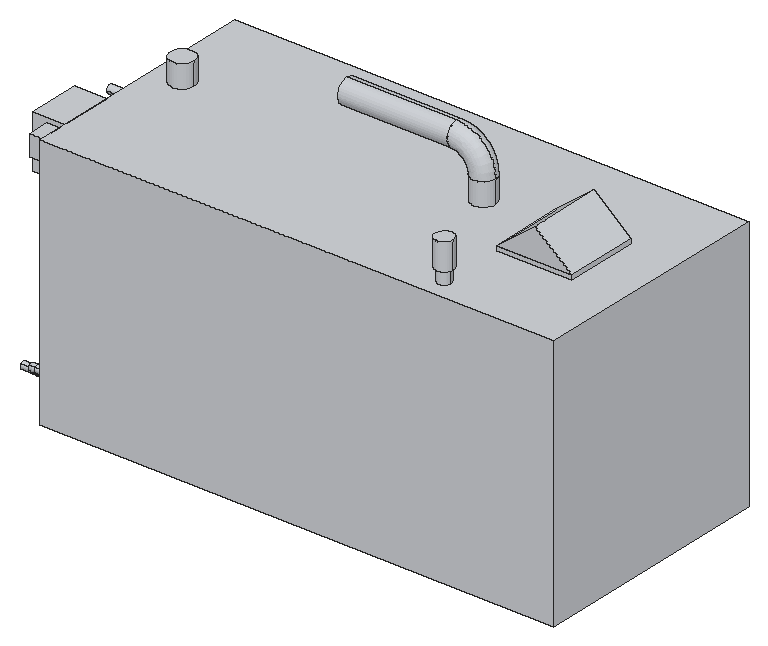
Revit family "AMP_BFIT 3500-4000 Boiler 1", category Mechanical Equipment, Revit 2021
Family settings
  Round Connector Dimension = Use Diameter
  Part Type = Normal
  OmniClass Number = 23.75.00.00
  OmniClass Title = Climate Control (HVAC)
  Work Plane-Based = No
  Always vertical = Yes
  Cut with Voids When Loaded = No
  Shared = No
  Room Calculation Point = No
Parameters (values of type "AMP/BFIT 3500-4000 Boiler")
  Width = 46"
  Length = 97 1/8"
  Height = 48 3/8"
  Voltage = ""
  Vent = "12\" EZ Vent"
  Manufacturer = "Bryan Steam"  # constant formula
  Hydronic Supply = "4\" Victaulic"
  Hydronic Return = "4\" Victaulic"
  Gas Train = "2\" NPT"
  Default Elevation = 0"
  Condensate Trap = "1\" Pipe"
  Boiler Drain = "3/4\" NPT"
  Air Supply = "12\""
Reference planes (in)
  plane 1 "Center (Front/Back)": y = 0
  plane 2: z = 0
  plane 3 "Center (Left/Right)": x = 0
  plane 4 "Vent": y = 3.809
  plane 5 "Condensate Trap": y = -18
  plane 6 "Supply 4" Victualic Elbow Style 10": x = 13.9
  plane 7 "3" Supply Manifold": z = 57.75
  plane 8 "3" Supply Elbow Victaulic Style 10": y = 3.809
  plane 9 "Condensate Height": z = 5.75
  plane 10 "Condensate Angle": through (0, -18, 5.75) normal (0, -0.6203, -0.7843)
Forms (in)
  Extrusion 1, solid
    sketch origin (0, 0, 0) x (1, 0, 0) y (0, 1, 0)
      loop
        line (-48.5625, 23) -> (-48.5625, -23) -> (48.5625, -23) -> (48.5625, 23) -> (-48.5625, 23)
    from 0 to 48.375
  Extrusion 2, solid
    sketch origin (0, 0, 48.375) x (1, 0, 0) y (0, 1, 0)
      loop
        line (25.0565, 7) -> (25.0565, -7) -> (39.1525, -7) -> (39.1525, 7) -> (25.0565, 7)
    from 0 to 0.85156
  Extrusion 3, solid
    sketch origin (39.1525, -7, 48.375) x (-1, 0, 0) y (0, 0, -1)
      loop
        line (14.096, -0.85156) -> (0, -0.85156) -> (7.048, -6.57727) -> (14.096, -0.85156)
    from 0 to -14
  Extrusion 4, solid
    sketch origin (0, 0, 48.375) x (1, 0, 0) y (0, 1, 0)
      loop
        circle (-43.0625, 3.75) r 2.25
      loop
        circle (13.9005, 3.75) r 2.25
    from 0 to 4.25
  Extrusion 5, solid
    sketch origin (-48.5625, -23, 0) x (0, 1, 0) y (0, 0, -1)
      loop
        circle (36.875, -13.125) r 6.25
      loop
        circle (36.875, -13.125) r 6.03
    from 0 to 6.25
  Extrusion 6, solid
    sketch origin (-48.5625, -23, 0) x (0, 1, 0) y (0, 0, -1)
      loop
        line (4.72, -48.187) -> (4.72, -44.187) -> (0.72, -44.187) -> (0.72, -48.187) -> (4.72, -48.187)
    from 0 to 2.48047
  Revolve 7, solid
    sketch origin (0, 3.75, 0) x (-1, 0, 0) y (0, 0, 1)
      loop
        line (56.6875, 30.188) -> (56.37185, 36.21098) -> (46.38555, 35.68762) -> (46.7012, 29.66464) -> (56.6875, 30.188)
      axis (46.7012, 29.66464) -> (56.6875, 30.188)
    angle from 0 to 360
  Extrusion 8, solid
    sketch origin (-48.5625, -23, 0) x (0, 1, 0) y (0, 0, -1)
      loop
        circle (26.75, -42.375) r 0.525
      loop
        circle (26.75, -42.375) r 0.412
    from 0 to 5.75
  Sweep 9, solid
    path origin (0, 3.809, 0) x (-1, 0, 0) y (0, 0, 1)
      loop
        arc (-13.9005, 52.625) -> (-12.39942, 56.24892) -> (-8.7755, 57.75) r 5.125
        line (-8.7755, 57.75) -> (11.9375, 57.75)
    profile origin (12.39942, 3.809, 56.24892) x (0.707107, 0, 0.707107) y (0, 1, 0)
      loop
        circle (0, 0) r 2.25
  Extrusion 10, solid
    sketch origin (-48.5625, -23, 0) x (0, 1, 0) y (0, 0, -1)
      loop
        line (15.875, -48.3125) -> (15.875, -38.3125) -> (5.875, -38.3125) -> (5.875, -48.3125) -> (15.875, -48.3125)
    from 0 to 6.125
  Extrusion 11, solid
    sketch origin (0, 0, 48.375) x (1, 0, 0) y (0, 1, 0)
      loop
        circle (24.6875, -19) r 1.1875
    from 0 to 2.5
  Extrusion 12, solid
    sketch origin (0, 0, 50.875) x (1, 0, 0) y (0, 1, 0)
      loop
        circle (24.6875, -19) r 1.6875
    from 0 to 5
  Extrusion 13, solid
    sketch origin (-54.3125, -23, 0) x (0, 1, 0) y (0, 0, -1)
      loop
        circle (26.75, -42.375) r 0.75
    from 0 to 2.375
  Sweep 14, solid
    path origin (0, -8.61346, -1.67369) x (0, -0.784343, 0.620327) y (-1, 0, 0)
      loop
        line (11.96841, 48.5625) -> (11.96841, 53)
        arc (11.96841, 53) -> (11.52907, 54.06066) -> (10.46841, 54.5) r 1.5
        line (10.46841, 54.5) -> (7.59341, 54.5)
        arc (7.59341, 54.5) -> (6.53275, 54.93934) -> (6.09341, 56) r 1.5
        line (6.09341, 56) -> (6.09341, 59.4375)
    profile origin (-50.78125, -18.0008, 5.75063) x (0, 0.784343, -0.620327) y (0, -0.620327, -0.784343)
      loop
        circle (0, 0) r 0.6575
  Extrusion 15, solid
    sketch origin (-48.5625, -23, 0) x (0, 1, 0) y (0, 0, -1)
      loop
        line (43.625, -19.875) -> (43.625, -6.375) -> (30.125, -6.375) -> (30.125, -19.875) -> (43.625, -19.875)
    from 0 to 4.625
Dimensions and locks (in)
  "Height": Extrusion 1 to level
  equal spacing: Extrusion 1 sketch curve, plane 3 "Center (Left/Right)", Extrusion 1 sketch curve
  "Length": Extrusion 1 sketch curve to Extrusion 1 sketch curve
  equal spacing: Extrusion 1 sketch curve, plane 1 "Center (Front/Back)", Extrusion 1 sketch curve
  "Width": Extrusion 1 sketch curve to Extrusion 1 sketch curve
  locked: Extrusion 2 sketch curve to Extrusion 1 at 9.41
  locked: Extrusion 2 sketch curve to Extrusion 2 sketch curve at 14.096
  locked: Extrusion 2 sketch curve to Extrusion 2 sketch curve at 14
  locked: Extrusion 2 sketch curve to Extrusion 1 at 16
  locked: Extrusion 1 to Extrusion 4 sketch curve at 19.25  (x2)
  locked: Extrusion 1 to Extrusion 5 sketch curve at 13.125
  locked: Extrusion 1 to Extrusion 5 sketch curve at 9.125
  level to plane 7 "3" Supply Manifold" = 57 3/4"
  plane 3 "Center (Left/Right)" to plane 6 "Supply 4" Victualic Elbow Style 10" = 13.9"
  locked: plane 8 "3" Supply Elbow Victaulic Style 10" to plane 1 "Center (Front/Back)" at 3.809
  locked: plane 4 "Vent" to plane 1 "Center (Front/Back)" at 3.809
  locked: plane 5 "Condensate Trap" to plane 1 "Center (Front/Back)" at 18
  locked: Extrusion 6 sketch curve to Extrusion 6 sketch curve at 4  (x2)
  Revolve 7 sketch curve to Revolve 7 sketch curve = 6 1/32"
  Extrusion 1 to Extrusion 8 sketch curve = 42 3/8"
  equal spacing: Extrusion 1, Extrusion 8 sketch curve, Extrusion 8 sketch curve  (x2)
  locked: Extrusion 1 to Extrusion 8 sketch curve at 19.25
  locked: Extrusion 1 to Extrusion 4 sketch curve at 5.5
  locked: Extrusion 4 sketch curve to Extrusion 1 at 34.662
  Extrusion 1 to Sweep 9 sketch curve = 36 5/8"
  Extrusion 1 to Sweep 9 sketch curve = 9 3/8"
  Extrusion 1 to Extrusion 5 sketch curve = 13 1/8"
  Extrusion 1 to Extrusion 5 sketch curve = 9 1/8"
  locked: Revolve 7 sketch curve to Extrusion 1 at 8.125
  Extrusion 1 to Revolve 7 sketch curve = 30.188"
  locked: Extrusion 10 sketch curve to Extrusion 1 at 0.0625
  locked: Extrusion 10 sketch curve to Extrusion 10 sketch curve at 10  (x2)
  locked: Extrusion 10 sketch curve to Extrusion 1 at 5.875
  locked: Extrusion 1 to Extrusion 11 sketch curve at 4
  locked: Extrusion 11 sketch curve to Extrusion 1 at 23.875
  locked: Extrusion 12 sketch curve to Extrusion 1 at 23.875
  locked: Extrusion 1 to Extrusion 12 sketch curve at 4
  Extrusion 1 to Extrusion 13 sketch curve = 6"
  Extrusion 1 to Extrusion 13 sketch curve = 19 1/4"
  locked: plane 9 "Condensate Height" to level at 5.75
  locked: Sweep 14 sketch curve to Extrusion 1 at 5.9375
  locked: Sweep 14 sketch curve to Extrusion 1 at 10.875
  locked: Sweep 14 sketch curve to Sweep 14 sketch curve at 5.875
  locked: Extrusion 1 to Extrusion 15 sketch curve at 2.375
  locked: Extrusion 15 sketch curve to Extrusion 15 sketch curve at 13.5  (x2)
  locked: Extrusion 15 sketch curve to Extrusion 1 at 6.375
  radius of Sweep 9 sketch curve = 5 1/8"
  diameter of Extrusion 11 sketch curve = 2 3/8"
  diameter of Extrusion 12 sketch curve = 3 3/8"
  diameter of Extrusion 13 sketch curve = 1 1/2"
  diameter of Sweep 14 sketch curve = 1.315"
  locked: plane 9 "Condensate Height" to plane 10 "Condensate Angle" (angle 38.34°)
  aligned and locked: level to plane 2
Automatic sketch dimensions
  Extrusion 3 sketch curve to Extrusion 2 = 0"  (x3)
  Extrusion 3 sketch curve to Extrusion 2 = 7.048"
  Extrusion 3 sketch curve to Extrusion 2 = 5.72571"
  Revolve 7 sketch curve to Revolve 7 sketch curve = 6.32392"
  Revolve 7 sketch curve to Revolve 7 sketch curve = 0"  (x2)
  Extrusion 1 to Extrusion 6 sketch curve = 0.188"
  Extrusion 6 sketch curve to Extrusion 1 = 0.72"
  Revolve 7 sketch curve to plane 7 "3" Supply Manifold" = 28.08536"
  Revolve 7 sketch curve to Revolve 7 sketch curve = 0.31565"
  Extrusion 8 sketch curve to Extrusion 8 sketch curve = 0"  (x2)
  Sweep 9 sketch curve to plane 8 "3" Supply Elbow Victaulic Style 10" = 0"
  Sweep 9 sketch curve to profile plane = 0"
  Sweep 9 sketch curve to plane 6 "Supply 4" Victualic Elbow Style 10" = 5.1245"
  Sweep 14 sketch curve to plane 3 "Center (Left/Right)" = 56"
  Sweep 14 sketch curve to Sweep 14 sketch curve = 1 1/2"
  Sweep 14 sketch curve to Sweep 14 sketch curve = 4 7/16"
  plane 10 "Condensate Angle" to Sweep 14 sketch curve = 0"
  Sweep 14 sketch curve to profile plane = 0"
  radius of Extrusion 5 sketch curve = 6 1/4"
  radius of Extrusion 5 sketch curve = 6.03"
  radius of Extrusion 8 sketch curve = 0.412"
  radius of Extrusion 8 sketch curve = 0.525"
  radius of Extrusion 4 sketch curve = 2 1/4"  (x2)
  radius of Sweep 9 sketch curve = 2 1/4"
Connectors (in)
  piping at (-43.0625, 3.75, 52.625), diameter 4
    settings: on Extrusion 4, index 2, connector inside diameter 24", connector length 0", flow factor 0, pipe flow 0 GPM, pressure drop 0.00 psi, fitting loss kfactor 0, connector angle 0.00°, fixture units 0, engagement length 0", angle of deflection 0.00°, flow configuration 0, flow direction 1, fitting loss method 0, system type 8, joint type 0, gender type 0, connector reference index -1, connector utility 0, adjustable connector no, is connector primary yes, connector description ""
  piping at (-54.8125, 13.875, 13.125), diameter 12
    settings: on Extrusion 5, index 4, connector inside diameter 24", connector length 0", flow factor 0, pipe flow 0 GPM, pressure drop 0.00 psi, fitting loss kfactor 0, connector angle 0.00°, fixture units 0, engagement length 0", angle of deflection 0.00°, flow configuration 0, flow direction 1, fitting loss method 0, system type 22, joint type 0, gender type 0, connector reference index -1, connector utility 0, adjustable connector no, is connector primary no, connector description ""
  piping at (-11.9375, 3.809, 57.75), diameter 4
    settings: on Sweep 9, index 7, connector inside diameter 24", connector length 0", flow factor 0, pipe flow 0 GPM, pressure drop 0.00 psi, fitting loss kfactor 0, connector angle 0.00°, fixture units 0, engagement length 0", angle of deflection 0.00°, flow configuration 0, flow direction 2, fitting loss method 0, system type 7, joint type 0, gender type 0, connector reference index -1, connector utility 0, adjustable connector no, is connector primary no, connector description ""
  piping at (-56.6875, 3.75, 30.188), diameter 12
    settings: on Revolve 7, index 9, connector inside diameter 24", connector length 0", flow factor 0, pipe flow 0 GPM, pressure drop 0.00 psi, fitting loss kfactor 0, connector angle 0.00°, fixture units 0, engagement length 0", angle of deflection 0.00°, flow configuration 0, flow direction 2, fitting loss method 0, system type 17, joint type 0, gender type 0, connector reference index -1, connector utility 0, adjustable connector no, is connector primary no, connector description ""
  piping at (24.6875, -19, 55.875), diameter 2
    settings: on Extrusion 12, index 10, connector inside diameter 24", connector length 0", flow factor 0, pipe flow 0 GPM, pressure drop 0.00 psi, fitting loss kfactor 0, connector angle 0.00°, fixture units 0, engagement length 0", angle of deflection 0.00°, flow configuration 0, flow direction 1, fitting loss method 0, system type 22, joint type 0, gender type 0, connector reference index -1, connector utility 0, adjustable connector no, is connector primary no, connector description ""
  piping at (-56.6875, 3.75, 42.375), diameter 0.75
    settings: on Extrusion 13, index 11, connector inside diameter 24", connector length 0", flow factor 0, pipe flow 0 GPM, pressure drop 0.00 psi, fitting loss kfactor 0, connector angle 0.00°, fixture units 0, engagement length 0", angle of deflection 0.00°, flow configuration 0, flow direction 2, fitting loss method 0, system type 22, joint type 0, gender type 0, connector reference index -1, connector utility 0, adjustable connector no, is connector primary no, connector description ""
  piping at (-59.4375, -13.39278, 2.10621), diameter 1
    settings: on Sweep 14, index 12, connector inside diameter 24", connector length 0", flow factor 0, pipe flow 0 GPM, pressure drop 0.00 psi, fitting loss kfactor 0, connector angle 0.00°, fixture units 0, engagement length 0", angle of deflection 0.00°, flow configuration 0, flow direction 2, fitting loss method 0, system type 22, joint type 0, gender type 0, connector reference index -1, connector utility 0, adjustable connector no, is connector primary no, connector description ""
